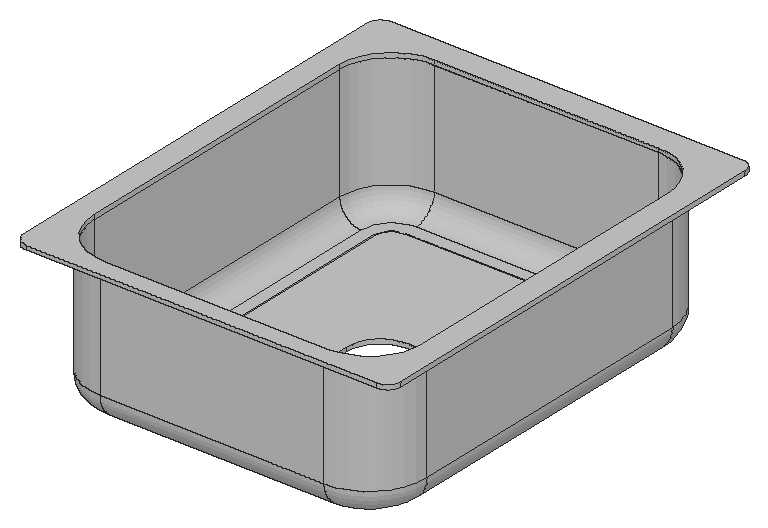
Revit family "QF_Vollrath_131-8", category Specialty Equipment, Revit 2016
Family settings
  Part Type = Normal
  Round Connector Dimension = Use Diameter
  OmniClass Number = 23.40.40.14.31
  OmniClass Title = Cleaning and Disposal Equipment
  Work Plane-Based = Yes
  Always vertical = Yes
  Cut with Voids When Loaded = No
  Shared = No
  Room Calculation Point = No
Parameters
  Width = 0' - 10 3/4"
  Weight in Pounds = 0
  Watermarked By = "http://revitwatermark.com"
  URL Cutsheet = ""
  Status [instance] = ""
  Specification by User [instance] = ""
  Specification by Manufacturer [instance] = ""
  Sink Width = 0' - 11 3/4"
  Sink Depth = 0' - 10 3/4"
  Sink Basin Depth = 0' - 4"
  Serial Number [instance] = ""
  Seismic Rating [instance] = ""
  SMACNA No [instance] = ""
  Revision Code [instance] = ""
  NAFEM Spec ID Number [instance] = ""
  Model = "131-8"
  Masterspec [instance] = ""
  Manufacturer = "Vollrath"
  Item Number [instance] = "-"
  Installed By [instance] = ""
  Indirect Waste Size = 2"
  Indirect Waste Flow [instance] = 0.00 GPM
  Indirect Waste Connection Type [instance] = ""
  Indirect Waste Connection Height [instance] = 0' - 0"
  Furnished By [instance] = ""
  Foodservice Equipment Identifier [instance] = yes
  Description = "Bar Sink"  # constant formula
  Depth = 1' - 1"
  Default Elevation = 4' - 0"
  CSI MasterFormat = ""
Reference planes (in)
  plane 1 "BACK": y = 0
  plane 2 "BOTTOM": z = 0
  plane 3 "LEFT": x = 0
  plane 4 "RIGHT": x = 10.75
  plane 5 "FRONT": y = -13
  plane 6: x = 5.375
  plane 7 "Sink Bottom": z = -4
  plane 8 "Bottom of Skirt": z = -1.5625
  plane 9 "LIP1": z = -0.125
  plane 10: y = -0.75
  plane 11: y = -12.5
  plane 12: y = -6.625
  plane 13: x = 0.6875
  plane 14: x = 10.0625
Forms (in)
  Extrusion 1, solid, material "QF_Finishes_Stainless Steel"
    sketch origin (0, 0, 0) x (1, 0, 0) y (0, 1, 0)
      loop
        arc (0.375, 0) -> (0.10983, -0.10983) -> (0, -0.375) r 0.375
        line (0, -0.375) -> (0, -12.625)
        arc (0, -12.625) -> (0.10983, -12.89017) -> (0.375, -13) r 0.375
        line (0.375, -13) -> (10.375, -13)
        arc (10.375, -13) -> (10.64017, -12.89017) -> (10.75, -12.625) r 0.375
        line (10.75, -12.625) -> (10.75, -0.375)
        arc (10.75, -0.375) -> (10.64017, -0.10983) -> (10.375, 0) r 0.375
        line (10.375, 0) -> (0.375, 0)
      loop
        arc (2.1875, -0.75) -> (1.12684, -1.18934) -> (0.6875, -2.25) r 1.5
        line (0.6875, -2.25) -> (0.6875, -11)
        arc (0.6875, -11) -> (1.12684, -12.06066) -> (2.1875, -12.5) r 1.5
        line (2.1875, -12.5) -> (8.5625, -12.5)
        arc (8.5625, -12.5) -> (9.62316, -12.06066) -> (10.0625, -11) r 1.5
        line (10.0625, -11) -> (10.0625, -2.25)
        arc (10.0625, -2.25) -> (9.62316, -1.18934) -> (8.5625, -0.75) r 1.5
        line (8.5625, -0.75) -> (2.1875, -0.75)
    from 0 to 0.125
  Extrusion 2, solid, material "QF_Finishes_Stainless Steel"
    sketch origin (0, 0, -4) x (-1, 0, 0) y (0, -1, 0)
      loop
        line (-8.5625, 1.75) -> (-2.1875, 1.75)
        arc (-2.1875, 1.75) -> (-1.83395, 1.89645) -> (-1.6875, 2.25) r 0.5
        line (-1.6875, 2.25) -> (-1.6875, 11)
        arc (-1.6875, 11) -> (-1.83395, 11.35355) -> (-2.1875, 11.5) r 0.5
        line (-2.1875, 11.5) -> (-8.5625, 11.5)
        arc (-8.5625, 11.5) -> (-8.91605, 11.35355) -> (-9.0625, 11) r 0.5
        line (-9.0625, 11) -> (-9.0625, 2.25)
        arc (-9.0625, 2.25) -> (-8.91605, 1.89645) -> (-8.5625, 1.75) r 0.5
      loop
        circle (-5.375, 6.625) r 1
    from 0 to 0.125
  Sweep 3, solid, material "QF_Finishes_Stainless Steel"
    path origin (0, 0, -4) x (-1, 0, 0) y (0, -1, 0)
      loop
        line (-0.6875, 2.25) -> (-0.6875, 11)
        arc (-0.6875, 11) -> (-1.12684, 12.06066) -> (-2.1875, 12.5) r 1.5
        line (-2.1875, 12.5) -> (-8.5625, 12.5)
        arc (-8.5625, 12.5) -> (-9.62316, 12.06066) -> (-10.0625, 11) r 1.5
        line (-10.0625, 11) -> (-10.0625, 2.25)
        arc (-10.0625, 2.25) -> (-9.62316, 1.18934) -> (-8.5625, 0.75) r 1.5
        line (-8.5625, 0.75) -> (-2.1875, 0.75)
        arc (-2.1875, 0.75) -> (-1.12684, 1.18934) -> (-0.6875, 2.25) r 1.5
    profile origin (0.6875, -6.625, -4) x (1, 0, 0) y (0, 0, 1)
      loop
        line (0, 4) -> (-0.125, 4) -> (-0.125, 0.75)
        arc (-0.125, 0.75) -> (0.09467, 0.21967) -> (0.625, 0) r 0.75
        line (0.625, 0) -> (1, 0) -> (1, 0.125) -> (0.625, 0.125)
        arc (0.625, 0.125) -> (0.18306, 0.30806) -> (0, 0.75) r 0.625
        line (0, 0.75) -> (0, 4)
Lines and regions (in)
  symbolic lines
    curve 1: line (0.375, 0, -4) -> (10.375, 0, -4)
    curve 2: arc (0.375, 0, -4) -> (0.10983, -0.10983, -4) -> (0, -0.375, -4) r 0.375
    curve 3: line (0, -12.625, -4) -> (0, -0.375, -4)
    curve 4: arc (0, -12.625, -4) -> (0.10983, -12.89017, -4) -> (0.375, -13, -4) r 0.375
    curve 5: line (10.375, -13, -4) -> (0.375, -13, -4)
    curve 6: arc (10.375, -13, -4) -> (10.64017, -12.89017, -4) -> (10.75, -12.625, -4) r 0.375
    curve 7: line (10.75, -0.375, -4) -> (10.75, -12.625, -4)
    curve 8: arc (10.75, -0.375, -4) -> (10.64017, -0.10983, -4) -> (10.375, 0, -4) r 0.375
  symbolic lines, style "QF_Surface Details"
    curve 9: line (8.5625, -0.75, -4) -> (2.1875, -0.75, -4)
    curve 10: arc (0.6875, -2.25, -4) -> (1.12684, -1.18934, -4) -> (2.1875, -0.75, -4) r 1.5
    curve 11: line (0.6875, -2.25, -4) -> (0.6875, -11, -4)
    curve 12: arc (2.1875, -12.5, -4) -> (1.12684, -12.06066, -4) -> (0.6875, -11, -4) r 1.5
    curve 13: line (2.1875, -12.5, -4) -> (8.5625, -12.5, -4)
    curve 14: arc (10.0625, -11, -4) -> (9.62316, -12.06066, -4) -> (8.5625, -12.5, -4) r 1.5
    curve 15: line (10.0625, -11, -4) -> (10.0625, -2.25, -4)
    curve 16: arc (8.5625, -0.75, -4) -> (9.62316, -1.18934, -4) -> (10.0625, -2.25, -4) r 1.5
    curve 17: circle (5.375, -6.625, -4) r 1 normal (0, 0, -1)
Dimensions and locks (in)
  locked: plane 3 "LEFT" to plane 4 "RIGHT" at 10.75
  "Depth": plane 5 "FRONT" to plane 1 "BACK"
  equal spacing: plane 3 "LEFT", plane 6, plane 4 "RIGHT"
  "Sink Basin Depth": level to plane 7 "Sink Bottom"
  locked: level to plane 8 "Bottom of Skirt" at 1.5625
  equal spacing: plane 10, plane 12, plane 11
  plane 10 to plane 11 = 0' - 11 3/4"
  locked: plane 6 to plane 14 at 4.6875
  locked: plane 13 to plane 6 at 4.6875
  aligned and locked: level to plane 2 "BOTTOM"
  aligned and locked: plane 3 "LEFT" to Extrusion 1 sketch curve
  aligned and locked: Extrusion 1 sketch curve to plane 5 "FRONT"
  aligned and locked: Extrusion 1 sketch curve to plane 4 "RIGHT"
  aligned and locked: plane 1 "BACK" to Extrusion 1 sketch curve
  aligned and locked: Sweep 3 sketch curve to Extrusion 1  (x4)
Automatic sketch dimensions
  Extrusion 2 sketch curve to plane 6 = 0' - 0"
  Extrusion 2 sketch curve to plane 12 = 0' - 0"
  Extrusion 2 sketch curve to Extrusion 2 sketch curve = 0' - 0 1/2"  (x4)
  curve 7 to plane 4 "RIGHT" = 0' - 0"
  plane 1 "BACK" to curve 1 = 0' - 0"
  plane 5 "FRONT" to curve 5 = 0' - 0"
  curve 15 to plane 14 = 0' - 0"
  curve 16 to plane 10 = 0' - 0"
  curve 13 to plane 11 = 0' - 0"
  curve 17 to plane 6 = 0' - 0"
  curve 10 to plane 13 = 0' - 0"
  curve 3 to plane 3 "LEFT" = 0' - 0"
  curve 17 to plane 12 = 0' - 0"
  curve 8 to plane 14 = 0' - 0 5/16"
  curve 5 to plane 14 = 0' - 0 5/16"
  curve 14 to curve 14 = 0' - 1 1/2"
  curve 16 to plane 10 = 0' - 1 1/2"
  curve 9 to plane 13 = 0' - 1 1/2"
  curve 12 to plane 13 = 0' - 1 1/2"
  plane 13 to curve 5 = 0' - 0 5/16"
  plane 13 to curve 2 = 0' - 0 5/16"
  plane 14 to Extrusion 2 sketch curve = 0' - 1 1/2"
  Extrusion 2 sketch curve to plane 13 = 0' - 1 1/2"
  Extrusion 2 sketch curve to plane 10 = 0' - 1 1/2"
  plane 11 to Extrusion 2 sketch curve = 0' - 1 1/2"
  Extrusion 1 sketch curve to plane 13 = 0' - 0"
  Extrusion 1 sketch curve to plane 10 = 0' - 0"
  Extrusion 1 sketch curve to plane 11 = 0' - 0"
  plane 13 to Extrusion 1 sketch curve = 0' - 0 5/16"  (x2)
  plane 11 to Extrusion 1 sketch curve = 0' - 1 1/2"
  Extrusion 1 sketch curve to plane 13 = 0' - 1 1/2"
  plane 14 to Extrusion 1 sketch curve = 0' - 1 1/2"
  Extrusion 1 sketch curve to plane 14 = 0' - 0 5/16"  (x2)
  Extrusion 1 sketch curve to plane 10 = 0' - 1 1/2"
  Extrusion 1 sketch curve to plane 14 = 0' - 0"
  profile plane to Sweep 3 sketch curve = 0' - 0"
  Sweep 3 sketch curve to plane 7 "Sink Bottom" = 0' - 0"
  Sweep 3 sketch curve to plane 7 "Sink Bottom" = 0' - 0 1/8"
  Sweep 3 sketch curve to profile plane = 0' - 0 5/8"
  Sweep 3 sketch curve to Sweep 3 sketch curve = 0' - 0 3/8"
  Sweep 3 sketch curve to Sweep 3 sketch curve = 0' - 3 1/4"
  Sweep 3 sketch curve to Sweep 3 sketch curve = 0' - 0"  (x2)
  radius of Extrusion 2 sketch curve = 0' - 1"
  radius of curve 17 = 0' - 1"
Connectors (in)
  piping at (5.375, -6.625, -3.875), diameter 2, driven by "Indirect Waste Flow"
    settings: on Extrusion 2, index 1, connector inside diameter 2", connector length 0' - 0", flow factor 0, pipe flow 0.00 GPM, pressure drop 0.00 psi, fitting loss kfactor 0, connector angle 0.00°, fixture units 0, engagement length 0' - 0", angle of deflection 0.00°, flow configuration 1, flow direction 2, fitting loss method 0, system type 16, joint type 0, gender type 0, connector reference index -1, connector utility 0, adjustable connector no, is connector primary yes, connector description "IW"
